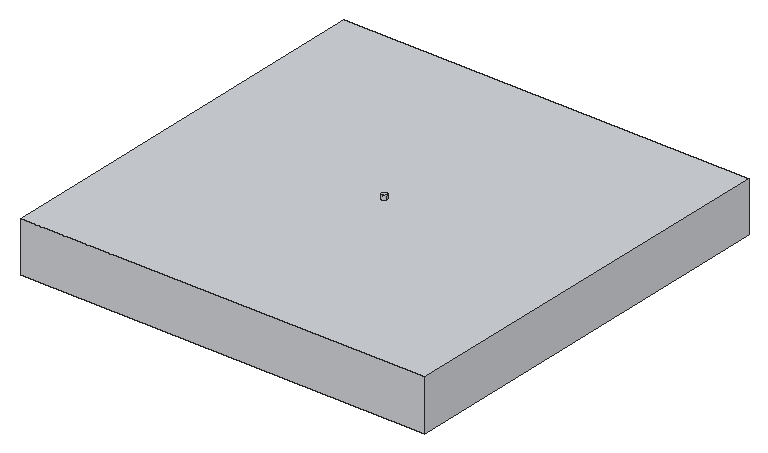
Revit family "M_Conector de tubulação - Sanitário - Equipamento hidráulico", category Equipamento mecânico, Revit 2019
Family settings
  Hospedeiro = Face
  Cota do conector redondo = Usar raio
  Tipo de parte = Normal
  Número OmniClass = 23.65.00.00
  Título OmniClass = Supply and Distribution of Liquids and Gases
  ID de item do Seek = Pipe Connector - Sanitary - Plumbing Equipment-0000-CAN-ENU
  Corte com vazios quando carregada = Não
  Compartilhado = Não
  Ponto de cálculo do ambiente = Não
Parameters (values of type "Padrão")
  Raio nominal [instance] = 15 mm
  Diâmetro nominal [instance] = Raio nominal * 2  # 30 mm
  Espessura [instance] = 25.4 mm
  Fluxo [instance] = 0.63 L/s
  Default Elevation = 0 mm
Reference planes
  plane 1 "Centro (Frente/Trás)": y = 0
  plane 2: z = 0
  plane 3 "Centro (Esquerda/Direita)": x = 0
  plane 4: z = 25.4
Forms (mm)
  Extrusion 1, solid
    sketch origin (0, 0, 0) x (1, 0, 0) y (0, 1, 0)
      loop
        line (-1219.2, 1219.2) -> (-1219.2, -1219.2) -> (1219.2, -1219.2) -> (1219.2, 1219.2) -> (-1219.2, 1219.2)
    from 0 to -304.8
  Extrusion 2, solid
    sketch origin (0, 0, 0) x (1, 0, 0) y (0, 1, 0)
      loop
        circle (0, 0) r 15
    from 0 to 25.4
Dimensions and locks
  "Espessura": plane 4 to plane 2
  "Raio nominal": radius of Extrusion 2 sketch curve
  aligned and locked: plane 2 to Extrusion 1
  aligned and locked: level to Extrusion 1
  aligned and locked: plane 1 "Centro (Frente/Trás)" to Extrusion 2 sketch curve
  aligned and locked: plane 4 to Extrusion 2
Automatic sketch dimensions
  Extrusion 1 sketch curve to Extrusion 1 sketch curve = 2438.4 mm  (x2)
  Extrusion 2 sketch curve to plane 3 "Centro (Esquerda/Direita)" = 0 mm
Connectors
  piping at (0, 0, 25.4), diameter 30, driven by "Fluxo", driven by "Raio nominal"
    settings: on Extrusion 2, index 1, connector inside diameter 30 mm, connector length 0 mm, flow factor 0, pipe flow 0.63 L/s, pressure drop 0.0 Pa, fitting loss kfactor 0, connector angle 0.00°, fixture units 0, engagement length 0 mm, angle of deflection 0.00°, flow configuration 1, flow direction 2, fitting loss method 0, system type 16, joint type 0, gender type 0, connector reference index -1, connector utility 0, adjustable connector yes, is connector primary yes, connector description ""
